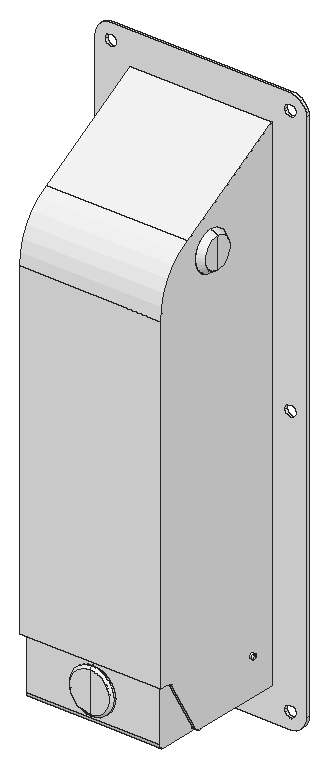
Revit family "KingswayGroup_SpDspnsrs_Anti-LigatureManualSoapDispenser", category Specialty Equipment, Revit 2020
Family settings
  Round Connector Dimension = Use Diameter
  Part Type = Normal
  Work Plane-Based = No
  Always vertical = Yes
  Cut with Voids When Loaded = No
  Shared = No
  Room Calculation Point = No
Parameters
  WarrantyStartDate [instance] = "1900-12-31T23:59:59"
  WarrantyGuarantorParts = "sales@kingswaygroup.co.uk"
  WarrantyGuarantorLabor = "n/a"
  WarrantyDurationUnit = "year"
  WarrantyDurationParts = "5"
  WarrantyDurationLabor = "n/a"
  WarrantyDescription = "5-Year Guarantee *For faulty manufacture and not for damage"
  Version = "1"
  Uniclass2015Version = "Products v1.36"
  Uniclass2015Title = "Soap dispensers"
  Uniclass2015Code = "Pr_40_70_22_81"
  URL = "https://kingswaygroupglobal.com/"
  TagNumber [instance] = "n/a"
  SustainabilityPerformance = "n/a"
  Size = "165 x 445 x 110 mm"
  Shape = "n/a"
  SerialNumber [instance] = "n/a"
  Revision = "n/a"
  ReplacementCost = "n/a"
  ProductInformation = "https://kingswaygroupglobal.com/product/anti-ligature-manual-soap-dispenser-surface-mount?noredirect=true"
  NominalWidth = 110 mm  # constant formula
  NominalLength = 165 mm  # constant formula
  NominalHeight = 445 mm  # constant formula
  Name = "SoapDispensers_Anti-LigatureManualSoapDispenser_KG07_KingswayGroup"
  ModelReference = "Anti-Ligature Manual Soap Dispenser"
  ModelNumber = "KG07"
  Model = ModelNumber  # "KG07"
  DispenserMaterial = NBS_Concept
  Material = "Stainless Steel"
  ManufacturerURL = "https://kingswaygroupglobal.com/"
  ManufacturerName = "Kingsway Group"  # constant formula
  Manufacturer = ManufacturerName  # "Kingsway Group"
  InstallationDate [instance] = "1900-12-31T23:59:59"
  IfcExportType = "n/a"  # constant formula
  IfcExportAs = "n/a"  # constant formula
  Grade = "316"
  Finish = "For full range of available finishes and colours, contact Kingsway Group"
  Features = "A surface-mounted Anti-Ligature Soap Dispenser with a refillable soap reservoir to provide a hygienic, safe, and durable solution to hand sanitisation in patient accessible washrooms. The KG07 Anti-Ligature Soap Dispenser uses a refillable dispensing unit (1000ml capacity) which can be refilled with liquid soap. Liquid soap is dispensed from the unit by pressing the anti-ligature button on the front side."
  ExpectedLife = "n/a"
  DurationUnit = "year"
  Description = "Manual Soap Dispenser"
  Default Elevation = 0 mm
  Constituents = "n/a"
  Color = "For full range of available finishes and colours, contact Kingsway Group"
  CodePerformance = "n/a"
  Category = "Pr_40_70_22_81:Soap dispensers"
  BarCode [instance] = "n/a"
  BIMObjectName = "KingswayGroup_SoapDispensers_Anti-LigatureManualSoapDispenser"
  Author = "Kingsway Group"  # constant formula
  AssetType = "Fixed"
  AssetIdentifier [instance] = "n/a"
  AccessibilityPerformance = "n/a"
Reference planes
  plane 1 "Center (Front/Back)": y = 0
  plane 2: z = 0
  plane 3 "Center (Left/Right)": x = 0
Forms (mm)
  Extrusion 1, solid, material "NBS_Concept" <- "DispenserMaterial"
    sketch origin (0, 0, 0) x (1, 0, 0) y (0, 0, 1)
      loop
        arc (-82.5, 12.691) -> (-78.783, 3.717) -> (-69.809, 0) r 12.691
        line (-69.809, 0) -> (69.809, 0)
        arc (69.809, 0) -> (78.783, 3.717) -> (82.5, 12.691) r 12.691
        line (82.5, 12.691) -> (82.5, 432.306)
        arc (82.5, 432.306) -> (78.782, 441.282) -> (69.806, 445) r 12.694
        line (69.806, 445) -> (-69.806, 445)
        arc (-69.806, 445) -> (-78.782, 441.282) -> (-82.5, 432.306) r 12.694
        line (-82.5, 432.306) -> (-82.5, 12.691)
      loop
        circle (-70, 432.5) r 4.5
      loop
        circle (-70, 12.5) r 4.5
      loop
        circle (-70, 222.5) r 4.5
      loop
        circle (70, 432.5) r 4.5
      loop
        circle (70, 12.5) r 4.5
      loop
        circle (70, 222.5) r 4.5
    from 0 to 2
  Extrusion 2, solid, material "NBS_Concept" <- "DispenserMaterial"
    sketch origin (-55, 0, 0) x (0, 1, 0) y (0, 0, 1)
      loop
        arc (-84.064, 372.303) -> (-103.05, 353.316) -> (-110, 327.38) r 51.873
        line (-110, 327.38) -> (-110, 70.351) -> (-103.216, 70.351)
        arc (-103.216, 70.351) -> (-100.718, 69.681) -> (-98.889, 67.853) r 4.996
        line (-98.889, 67.853) -> (-75.502, 27.347)
        arc (-75.502, 27.347) -> (-73.719, 25.896) -> (-71.481, 25.378) r 5.091
        line (-71.481, 25.378) -> (-2, 25.378) -> (-2, 419.682) -> (-84.064, 372.303)
    from 0 to 110
  Extrusion 3, solid, material "NBS_Concept" <- "DispenserMaterial"
    sketch origin (0, 0, 0) x (0, 1, 0) y (0, 0, 1)
      loop
        line (-2.435, 25.378) -> (-2.435, 246.378) -> (-107.435, 246.378) -> (-107.435, 29.293)
        arc (-107.435, 29.293) -> (-106.288, 26.524) -> (-103.519, 25.378) r 3.916
        line (-103.519, 25.378) -> (-2.435, 25.378)
    from -51.867 to 51.869
  Revolve 4, solid, material "NBS_Concept" <- "DispenserMaterial"
    sketch origin (0, 0, 0) x (0, 1, 0) y (0, 0, 1)
      loop
        line (-107.435, 66.603) -> (-108.435, 66.603) -> (-110.434, 64.604) -> (-110.434, 49.103) -> (-107.435, 49.103) -> (-107.435, 66.603)
      axis (-107.435, 49.103) -> (-110.434, 49.103)
    angle from 0 to 360
  Revolve 5, solid, material "NBS_Concept" <- "DispenserMaterial"
    sketch origin (0, -21.987, 0) x (1, 0, 0) y (0, 0, 1)
      loop
        line (-54.866, 55.36) -> (-54.866, 57.359) -> (-57.386, 57.359) -> (-57.968, 56.776) -> (-57.968, 55.36) -> (-54.866, 55.36)
      loop
        line (54.866, 55.36) -> (57.968, 55.36) -> (57.968, 56.776) -> (57.386, 57.359) -> (54.866, 57.359) -> (54.866, 55.36)
      axis (-57.968, 55.36) -> (57.968, 55.36)
    angle from 0 to 360
  Revolve 6, solid, material "NBS_Concept" <- "DispenserMaterial"
    sketch origin (-809.645, -61.991, -26.876) x (1, 0, 0) y (0, 0, 1)
      loop
        line (870.64, 394.936) -> (865.455, 398.052) -> (864.645, 398.052) -> (864.645, 383.061) -> (870.64, 383.061) -> (870.64, 394.936)
      axis (870.64, 383.061) -> (864.645, 383.061)
    angle from 0 to 360
Lines and regions (mm)
  model lines, not visible
    curve 1: arc (16.215, -108.048, 265.753) -> (17.404, -108.048, 265.533) -> (18.352, -108.048, 266.283) r 1.463
    curve 2: arc (18.352, -108.048, 267.697) -> (17.346, -108.048, 268.4) -> (16.15, -108.048, 268.123) r 1.51
    curve 3: arc (16.15, -108.048, 268.123) -> (15.626, -108.048, 266.923) -> (16.215, -108.048, 265.753) r 1.54
    curve 4: arc (15.178, -108.048, 266.958) -> (15.376, -108.048, 266.079) -> (15.958, -108.048, 265.391) r 1.894
    curve 5: arc (17.05, -108.048, 265.046) -> (17.782, -108.048, 265.2) -> (18.368, -108.048, 265.664) r 1.629
    curve 6: arc (6.967, -108.048, 268.87) -> (6.12, -108.048, 268.597) -> (5.722, -108.048, 267.802) r 1.15
    curve 7: arc (7.023, -108.048, 265.046) -> (7.896, -108.048, 265.321) -> (8.293, -108.048, 266.146) r 1.152
    curve 8: arc (6.991, -108.048, 265.48) -> (7.544, -108.048, 265.629) -> (7.835, -108.048, 266.122) r 0.759
    curve 9: arc (10.197, -108.048, 260.701) -> (9.002, -108.048, 260.977) -> (7.995, -108.048, 260.275) r 1.511
    curve 10: arc (7.995, -108.048, 258.861) -> (8.944, -108.048, 258.112) -> (10.133, -108.048, 258.331) r 1.464
    curve 11: arc (10.133, -108.048, 258.331) -> (10.722, -108.048, 259.501) -> (10.197, -108.048, 260.701) r 1.54
    curve 12: arc (11.169, -108.048, 259.536) -> (10.994, -108.048, 260.363) -> (10.486, -108.048, 261.039) r 1.96
    curve 13: arc (10.39, -108.048, 257.969) -> (10.974, -108.048, 258.656) -> (11.169, -108.048, 259.536) r 1.873
    curve 14: arc (7.995, -108.048, 258.226) -> (8.575, -108.048, 257.772) -> (9.297, -108.048, 257.624) r 1.607
    curve 15: arc (3.36, -108.048, 259.488) -> (3.387, -108.048, 258.997) -> (3.568, -108.048, 258.54) r 1.527
    curve 16: arc (3.568, -108.048, 258.54) -> (3.969, -108.048, 258.182) -> (4.493, -108.048, 258.058) r 1.095
    curve 17: arc (4.493, -108.048, 258.058) -> (5.207, -108.048, 258.273) -> (5.714, -108.048, 258.821) r 1.419
    curve 18: arc (4.493, -108.048, 257.624) -> (5.176, -108.048, 257.774) -> (5.73, -108.048, 258.202) r 1.594
    curve 19: arc (3.119, -108.048, 258.379) -> (3.702, -108.048, 257.812) -> (4.493, -108.048, 257.624) r 1.533
    curve 20: arc (0.049, -108.048, 258.058) -> (1.499, -108.048, 259.536) -> (0.049, -108.048, 261.014) r 1.479
    curve 21: arc (0.049, -108.048, 261.014) -> (-1.4, -108.048, 259.536) -> (0.049, -108.048, 258.058) r 1.479
    curve 22: arc (0.049, -108.048, 261.449) -> (-1.855, -108.048, 259.536) -> (0.049, -108.048, 257.624) r 1.912
    curve 23: arc (0.049, -108.048, 257.624) -> (1.954, -108.048, 259.536) -> (0.049, -108.048, 261.449) r 1.912
    curve 24: arc (-2.594, -108.048, 261.449) -> (-3.241, -108.048, 261.309) -> (-3.751, -108.048, 260.886) r 1.392
    curve 25: arc (-2.602, -108.048, 261.014) -> (-3.299, -108.048, 260.782) -> (-3.751, -108.048, 260.203) r 1.269
    curve 26: arc (-4.948, -108.048, 270.469) -> (-5.352, -108.048, 270.064) -> (-4.948, -108.048, 269.658) r 0.406
    curve 27: arc (-4.948, -108.048, 269.658) -> (-4.539, -108.048, 270.064) -> (-4.948, -108.048, 270.469) r 0.406
    curve 28: arc (-1.622, -108.048, 268.437) -> (-2.36, -108.048, 268.227) -> (-2.892, -108.048, 267.673) r 1.465
    curve 29: arc (-0.666, -108.048, 267.946) -> (-1.082, -108.048, 268.311) -> (-1.622, -108.048, 268.437) r 1.142
    curve 30: arc (-0.457, -108.048, 267.046) -> (-0.485, -108.048, 267.514) -> (-0.666, -108.048, 267.946) r 1.41
    curve 31: arc (0.001, -108.048, 267.078) -> (-0.055, -108.048, 267.692) -> (-0.312, -108.048, 268.252) r 1.835
    curve 32: arc (-0.312, -108.048, 268.252) -> (-0.888, -108.048, 268.719) -> (-1.614, -108.048, 268.87) r 1.574
    curve 33: arc (0.965, -108.048, 266.958) -> (1.163, -108.048, 266.079) -> (1.745, -108.048, 265.391) r 1.894
    curve 34: arc (2.838, -108.048, 265.046) -> (3.558, -108.048, 265.196) -> (4.139, -108.048, 265.648) r 1.629
    curve 35: arc (2.813, -108.048, 263.551) -> (3.495, -108.048, 263.693) -> (3.995, -108.048, 264.178) r 1.246
    curve 36: arc (1.503, -108.048, 264.258) -> (2.064, -108.048, 263.73) -> (2.813, -108.048, 263.551) r 1.499
    curve 37: arc (1.142, -108.048, 263.993) -> (1.861, -108.048, 263.341) -> (2.805, -108.048, 263.117) r 1.95
    curve 38: arc (2.805, -108.048, 263.117) -> (3.723, -108.048, 263.308) -> (4.396, -108.048, 263.961) r 1.681
    curve 39: arc (-9.994, -108.048, 260.516) -> (-9.32, -108.048, 258.79) -> (-7.608, -108.048, 258.082) r 2.361
    curve 40: arc (-7.656, -108.048, 262.951) -> (-9.341, -108.048, 262.229) -> (-9.994, -108.048, 260.516) r 2.35
    curve 41: arc (-7.656, -108.048, 263.409) -> (-9.678, -108.048, 262.56) -> (-10.476, -108.048, 260.516) r 2.813
    curve 42: arc (-10.476, -108.048, 260.516) -> (-9.652, -108.048, 258.448) -> (-7.584, -108.048, 257.624) r 2.817
    curve 43: arc (-7.584, -108.048, 257.624) -> (-6.381, -108.048, 257.901) -> (-5.414, -108.048, 258.668) r 2.799
    curve 44: arc (2.002, -108.048, 265.753) -> (3.191, -108.048, 265.533) -> (4.139, -108.048, 266.283) r 1.464
    curve 45: arc (4.139, -108.048, 267.697) -> (3.133, -108.048, 268.402) -> (1.938, -108.048, 268.123) r 1.505
    curve 46: arc (1.938, -108.048, 268.123) -> (1.413, -108.048, 266.923) -> (2.002, -108.048, 265.753) r 1.54
    curve 47: line (-21.343, -108.048, 258.387) -> (-25.268, -108.048, 258.387)
    curve 48: line (-25.268, -108.048, 258.387) -> (-25.268, -108.048, 257.781)
    curve 49: line (-25.268, -108.048, 257.781) -> (-21.343, -108.048, 257.781)
    curve 50: line (-21.343, -108.048, 257.781) -> (-21.343, -108.048, 258.387)
    curve 51: line (-18.274, -108.048, 257.76) -> (-20.415, -108.048, 260.48)
    curve 52: line (-20.415, -108.048, 260.48) -> (-25.268, -108.048, 260.48)
    curve 53: line (-25.268, -108.048, 260.48) -> (-25.268, -108.048, 259.875)
    curve 54: line (-25.268, -108.048, 259.875) -> (-20.709, -108.048, 259.875)
    curve 55: line (-20.709, -108.048, 259.875) -> (-19.045, -108.048, 257.76)
    curve 56: line (-19.045, -108.048, 257.76) -> (-18.274, -108.048, 257.76)
    curve 57: line (-21.343, -108.048, 270.94) -> (-25.268, -108.048, 270.94)
    curve 58: line (-25.268, -108.048, 270.94) -> (-25.268, -108.048, 270.334)
    curve 59: line (-25.268, -108.048, 270.334) -> (-21.343, -108.048, 270.334)
    curve 60: line (-21.343, -108.048, 270.334) -> (-21.343, -108.048, 270.94)
    curve 61: line (-25.268, -108.048, 266.752) -> (-25.268, -108.048, 266.147)
    curve 62: line (-25.268, -108.048, 266.147) -> (-19.332, -108.048, 266.147)
    curve 63: line (-19.332, -108.048, 266.147) -> (-15.543, -108.048, 270.96)
    curve 64: line (-15.543, -108.048, 270.96) -> (-16.314, -108.048, 270.96)
    curve 65: line (-16.314, -108.048, 270.96) -> (-19.626, -108.048, 266.752)
    curve 66: line (-19.626, -108.048, 266.752) -> (-25.268, -108.048, 266.752)
    curve 67: line (-25.268, -108.048, 262.574) -> (-25.268, -108.048, 261.968)
    curve 68: line (-25.268, -108.048, 261.968) -> (-19.626, -108.048, 261.968)
    curve 69: line (-19.626, -108.048, 261.968) -> (-16.314, -108.048, 257.76)
    curve 70: line (-16.314, -108.048, 257.76) -> (-15.543, -108.048, 257.76)
    curve 71: line (-15.543, -108.048, 257.76) -> (-19.332, -108.048, 262.574)
    curve 72: line (-19.332, -108.048, 262.574) -> (-25.268, -108.048, 262.574)
    curve 73: line (-25.268, -108.048, 268.846) -> (-25.268, -108.048, 268.24)
    curve 74: line (-25.268, -108.048, 268.24) -> (-20.415, -108.048, 268.24)
    curve 75: line (-20.415, -108.048, 268.24) -> (-18.274, -108.048, 270.96)
    curve 76: line (-18.274, -108.048, 270.96) -> (-19.045, -108.048, 270.96)
    curve 77: line (-19.045, -108.048, 270.96) -> (-20.709, -108.048, 268.846)
    curve 78: line (-20.709, -108.048, 268.846) -> (-25.268, -108.048, 268.846)
    curve 79: line (18.352, -108.048, 266.283) -> (18.352, -108.048, 267.697)
    curve 80: line (18.368, -108.048, 265.664) -> (18.368, -108.048, 265.126)
    curve 81: line (18.368, -108.048, 265.126) -> (18.81, -108.048, 265.126)
    curve 82: line (18.81, -108.048, 265.126) -> (18.81, -108.048, 268.79)
    curve 83: line (18.81, -108.048, 268.79) -> (18.368, -108.048, 268.79)
    curve 84: line (18.368, -108.048, 268.79) -> (18.368, -108.048, 268.284)
    curve 85: line (18.368, -108.048, 268.284) -> (17.69, -108.048, 268.75)
    curve 86: line (17.69, -108.048, 268.75) -> (17.026, -108.048, 268.87)
    curve 87: line (17.026, -108.048, 268.87) -> (16.322, -108.048, 268.732)
    curve 88: line (16.322, -108.048, 268.732) -> (15.861, -108.048, 268.46)
    curve 89: line (15.861, -108.048, 268.46) -> (15.323, -108.048, 267.712)
    curve 90: line (15.323, -108.048, 267.712) -> (15.178, -108.048, 266.958)
    curve 91: line (15.958, -108.048, 265.391) -> (16.576, -108.048, 265.104)
    curve 92: line (16.576, -108.048, 265.104) -> (17.05, -108.048, 265.046)
    curve 93: line (10.566, -108.048, 265.126) -> (11.756, -108.048, 268.043)
    curve 94: line (11.756, -108.048, 268.043) -> (12.945, -108.048, 265.126)
    curve 95: line (12.945, -108.048, 265.126) -> (13.242, -108.048, 265.126)
    curve 96: line (13.242, -108.048, 265.126) -> (14.656, -108.048, 268.79)
    curve 97: line (14.656, -108.048, 268.79) -> (14.182, -108.048, 268.79)
    curve 98: line (14.182, -108.048, 268.79) -> (13.074, -108.048, 265.913)
    curve 99: line (13.074, -108.048, 265.913) -> (11.9, -108.048, 268.79)
    curve 100: line (11.9, -108.048, 268.79) -> (11.611, -108.048, 268.79)
    curve 101: line (11.611, -108.048, 268.79) -> (10.438, -108.048, 265.913)
    curve 102: line (10.438, -108.048, 265.913) -> (9.329, -108.048, 268.79)
    curve 103: line (9.329, -108.048, 268.79) -> (8.855, -108.048, 268.79)
    curve 104: line (8.855, -108.048, 268.79) -> (10.269, -108.048, 265.126)
    curve 105: line (10.269, -108.048, 265.126) -> (10.566, -108.048, 265.126)
    curve 106: line (5.722, -108.048, 267.802) -> (5.763, -108.048, 267.523)
    curve 107: line (5.763, -108.048, 267.523) -> (5.878, -108.048, 267.307)
    curve 108: line (5.878, -108.048, 267.307) -> (6.052, -108.048, 267.143)
    curve 109: line (6.052, -108.048, 267.143) -> (6.778, -108.048, 266.845)
    curve 110: line (6.778, -108.048, 266.845) -> (7.505, -108.048, 266.605)
    curve 111: line (7.505, -108.048, 266.605) -> (7.744, -108.048, 266.413)
    curve 112: line (7.811, -108.048, 266.282) -> (7.835, -108.048, 266.122)
    curve 113: line (8.293, -108.048, 266.146) -> (8.251, -108.048, 266.434)
    curve 114: line (8.251, -108.048, 266.434) -> (8.136, -108.048, 266.66)
    curve 115: line (8.136, -108.048, 266.66) -> (7.963, -108.048, 266.834)
    curve 116: line (7.963, -108.048, 266.834) -> (7.236, -108.048, 267.156)
    curve 117: line (7.236, -108.048, 267.156) -> (6.51, -108.048, 267.388)
    curve 118: line (6.51, -108.048, 267.388) -> (6.27, -108.048, 267.558)
    curve 119: line (6.179, -108.048, 267.81) -> (6.221, -108.048, 268.025)
    curve 120: line (6.221, -108.048, 268.025) -> (6.333, -108.048, 268.194)
    curve 121: line (6.333, -108.048, 268.194) -> (6.498, -108.048, 268.318)
    curve 122: line (6.498, -108.048, 268.318) -> (6.991, -108.048, 268.437)
    curve 123: line (6.991, -108.048, 268.437) -> (7.524, -108.048, 268.344)
    curve 124: line (7.524, -108.048, 268.344) -> (7.907, -108.048, 268.139)
    curve 125: line (7.907, -108.048, 268.139) -> (8.148, -108.048, 268.517)
    curve 126: line (8.148, -108.048, 268.517) -> (7.569, -108.048, 268.785)
    curve 127: line (7.569, -108.048, 268.785) -> (6.967, -108.048, 268.87)
    curve 128: line (6.991, -108.048, 265.48) -> (6.334, -108.048, 265.63)
    curve 129: line (6.334, -108.048, 265.63) -> (5.882, -108.048, 265.921)
    curve 130: line (5.882, -108.048, 265.921) -> (5.601, -108.048, 265.568)
    curve 131: line (5.601, -108.048, 265.568) -> (6.291, -108.048, 265.163)
    curve 132: line (6.291, -108.048, 265.163) -> (7.023, -108.048, 265.046)
    curve 133: line (-6.659, -108.048, 265.126) -> (-6.017, -108.048, 265.126)
    curve 134: line (-6.017, -108.048, 265.126) -> (-9.038, -108.048, 268.091)
    curve 135: line (-9.038, -108.048, 268.091) -> (-6.258, -108.048, 270.751)
    curve 136: line (-6.258, -108.048, 270.751) -> (-6.9, -108.048, 270.751)
    curve 137: line (-6.9, -108.048, 270.751) -> (-9.552, -108.048, 268.228)
    curve 138: line (-9.552, -108.048, 268.228) -> (-9.552, -108.048, 270.751)
    curve 139: line (-9.552, -108.048, 270.751) -> (-10.034, -108.048, 270.751)
    curve 140: line (-10.034, -108.048, 270.751) -> (-10.034, -108.048, 265.126)
    curve 141: line (-10.034, -108.048, 265.126) -> (-9.552, -108.048, 265.126)
    curve 142: line (-9.552, -108.048, 265.126) -> (-9.552, -108.048, 267.97)
    curve 143: line (-9.552, -108.048, 267.97) -> (-6.659, -108.048, 265.126)
    curve 144: line (7.995, -108.048, 260.275) -> (7.995, -108.048, 258.861)
    curve 145: line (9.297, -108.048, 257.624) -> (9.904, -108.048, 257.721)
    curve 146: line (9.904, -108.048, 257.721) -> (10.39, -108.048, 257.969)
    curve 147: line (10.486, -108.048, 261.039) -> (9.883, -108.048, 261.361)
    curve 148: line (9.883, -108.048, 261.361) -> (9.321, -108.048, 261.449)
    curve 149: line (9.321, -108.048, 261.449) -> (8.494, -108.048, 261.256)
    curve 150: line (8.494, -108.048, 261.256) -> (7.979, -108.048, 260.862)
    curve 151: line (7.979, -108.048, 260.862) -> (7.979, -108.048, 261.368)
    curve 152: line (7.979, -108.048, 261.368) -> (7.538, -108.048, 261.368)
    curve 153: line (7.538, -108.048, 261.368) -> (7.538, -108.048, 255.776)
    curve 154: line (7.538, -108.048, 255.776) -> (7.995, -108.048, 255.776)
    curve 155: line (7.995, -108.048, 255.776) -> (7.995, -108.048, 258.226)
    curve 156: line (-12.812, -108.048, 270.96) -> (-13.582, -108.048, 270.96)
    curve 157: line (-13.582, -108.048, 270.96) -> (-18.543, -108.048, 264.658)
    curve 158: line (-18.543, -108.048, 264.658) -> (-25.268, -108.048, 264.658)
    curve 159: line (-25.268, -108.048, 264.658) -> (-25.268, -108.048, 264.053)
    curve 160: line (-25.268, -108.048, 264.053) -> (-18.543, -108.048, 264.053)
    curve 161: line (-18.543, -108.048, 264.053) -> (-13.59, -108.048, 257.76)
    curve 162: line (-13.59, -108.048, 257.76) -> (-12.819, -108.048, 257.76)
    curve 163: line (-12.819, -108.048, 257.76) -> (-18.011, -108.048, 264.356)
    curve 164: line (-18.011, -108.048, 264.356) -> (-12.812, -108.048, 270.96)
    curve 165: line (3.36, -108.048, 259.488) -> (3.36, -108.048, 261.368)
    curve 166: line (3.36, -108.048, 261.368) -> (2.902, -108.048, 261.368)
    curve 167: line (2.902, -108.048, 261.368) -> (2.902, -108.048, 259.416)
    curve 168: line (2.902, -108.048, 259.416) -> (2.973, -108.048, 258.748)
    curve 169: line (2.973, -108.048, 258.748) -> (3.119, -108.048, 258.379)
    curve 170: line (5.73, -108.048, 258.202) -> (5.73, -108.048, 257.704)
    curve 171: line (5.73, -108.048, 257.704) -> (6.172, -108.048, 257.704)
    curve 172: line (6.172, -108.048, 257.704) -> (6.172, -108.048, 261.368)
    curve 173: line (6.172, -108.048, 261.368) -> (5.714, -108.048, 261.368)
    curve 174: line (5.714, -108.048, 261.368) -> (5.714, -108.048, 258.821)
    curve 175: line (-3.751, -108.048, 260.886) -> (-3.751, -108.048, 261.368)
    curve 176: line (-3.751, -108.048, 261.368) -> (-4.209, -108.048, 261.368)
    curve 177: line (-4.209, -108.048, 261.368) -> (-4.209, -108.048, 257.704)
    curve 178: line (-4.209, -108.048, 257.704) -> (-3.751, -108.048, 257.704)
    curve 179: line (-3.751, -108.048, 257.704) -> (-3.751, -108.048, 260.203)
    curve 180: line (-2.385, -108.048, 261.007) -> (-2.602, -108.048, 261.014)
    curve 181: line (-2.602, -108.048, 261.014) -> (-2.385, -108.048, 261.007)
    curve 182: line (-2.385, -108.048, 261.007) -> (-2.321, -108.048, 261.433)
    curve 183: line (20.264, -108.048, 263.198) -> (20.746, -108.048, 263.198)
    curve 184: line (20.746, -108.048, 263.198) -> (23.285, -108.048, 268.79)
    curve 185: line (23.285, -108.048, 268.79) -> (22.795, -108.048, 268.79)
    curve 186: line (22.795, -108.048, 268.79) -> (21.502, -108.048, 265.946)
    curve 187: line (21.502, -108.048, 265.946) -> (20.127, -108.048, 268.79)
    curve 188: line (20.127, -108.048, 268.79) -> (19.613, -108.048, 268.79)
    curve 189: line (19.613, -108.048, 268.79) -> (21.269, -108.048, 265.423)
    curve 190: line (21.269, -108.048, 265.423) -> (20.264, -108.048, 263.198)
    curve 191: line (-0.457, -108.048, 267.046) -> (-0.457, -108.048, 265.126)
    curve 192: line (-0.457, -108.048, 265.126) -> (0.001, -108.048, 265.126)
    curve 193: line (0.001, -108.048, 265.126) -> (0.001, -108.048, 267.078)
    curve 194: line (-1.614, -108.048, 268.87) -> (-2.421, -108.048, 268.683)
    curve 195: line (-2.421, -108.048, 268.683) -> (-2.908, -108.048, 268.276)
    curve 196: line (-2.908, -108.048, 268.276) -> (-2.908, -108.048, 268.79)
    curve 197: line (-2.908, -108.048, 268.79) -> (-3.35, -108.048, 268.79)
    curve 198: line (-3.35, -108.048, 268.79) -> (-3.35, -108.048, 265.126)
    curve 199: line (-3.35, -108.048, 265.126) -> (-2.892, -108.048, 265.126)
    curve 200: line (-2.892, -108.048, 265.126) -> (-2.892, -108.048, 267.673)
    curve 201: line (1.745, -108.048, 265.391) -> (2.364, -108.048, 265.104)
    curve 202: line (2.364, -108.048, 265.104) -> (2.838, -108.048, 265.046)
    curve 203: line (4.139, -108.048, 265.648) -> (4.139, -108.048, 265.126)
    curve 204: line (4.139, -108.048, 265.126) -> (4.1, -108.048, 264.511)
    curve 205: line (4.1, -108.048, 264.511) -> (3.995, -108.048, 264.178)
    curve 206: line (1.503, -108.048, 264.258) -> (1.142, -108.048, 263.993)
    curve 207: line (4.396, -108.048, 263.961) -> (4.564, -108.048, 264.528)
    curve 208: line (4.564, -108.048, 264.528) -> (4.597, -108.048, 265.142)
    curve 209: line (4.597, -108.048, 265.142) -> (4.597, -108.048, 268.79)
    curve 210: line (4.597, -108.048, 268.79) -> (4.155, -108.048, 268.79)
    curve 211: line (4.155, -108.048, 268.79) -> (4.155, -108.048, 268.284)
    curve 212: line (4.155, -108.048, 268.284) -> (3.476, -108.048, 268.75)
    curve 213: line (3.476, -108.048, 268.75) -> (2.813, -108.048, 268.87)
    curve 214: line (2.813, -108.048, 268.87) -> (2.109, -108.048, 268.732)
    curve 215: line (2.109, -108.048, 268.732) -> (1.648, -108.048, 268.46)
    curve 216: line (1.648, -108.048, 268.46) -> (1.11, -108.048, 267.712)
    curve 217: line (1.11, -108.048, 267.712) -> (0.965, -108.048, 266.958)
    curve 218: line (-5.414, -108.048, 258.668) -> (-5.414, -108.048, 261.039)
    curve 219: line (-5.414, -108.048, 261.039) -> (-7.744, -108.048, 261.039)
    curve 220: line (-7.744, -108.048, 261.039) -> (-7.744, -108.048, 260.581)
    curve 221: line (-7.744, -108.048, 260.581) -> (-5.896, -108.048, 260.581)
    curve 222: line (-5.896, -108.048, 260.581) -> (-5.896, -108.048, 258.789)
    curve 223: line (-5.896, -108.048, 258.789) -> (-6.756, -108.048, 258.233)
    curve 224: line (-6.756, -108.048, 258.233) -> (-7.608, -108.048, 258.082)
    curve 225: line (-7.656, -108.048, 262.951) -> (-6.582, -108.048, 262.7)
    curve 226: line (-6.582, -108.048, 262.7) -> (-5.944, -108.048, 262.22)
    curve 227: line (-5.944, -108.048, 262.22) -> (-5.615, -108.048, 262.549)
    curve 228: line (-5.615, -108.048, 262.549) -> (-6.645, -108.048, 263.231)
    curve 229: line (-6.645, -108.048, 263.231) -> (-7.656, -108.048, 263.409)
    curve 230: line (-4.715, -108.048, 265.126) -> (-4.715, -108.048, 268.79)
    curve 231: line (-4.715, -108.048, 268.79) -> (-5.173, -108.048, 268.79)
    curve 232: line (-5.173, -108.048, 268.79) -> (-5.173, -108.048, 265.126)
    curve 233: line (-5.173, -108.048, 265.126) -> (-4.715, -108.048, 265.126)
    curve 234: line (4.139, -108.048, 266.283) -> (4.139, -108.048, 267.697)
  model lines
    curve 235: arc (17.207, -110, 274.654) -> (18.396, -110, 274.434) -> (19.344, -110, 275.184) r 1.463
    curve 236: arc (19.344, -110, 276.598) -> (18.338, -110, 277.301) -> (17.142, -110, 277.024) r 1.51
    curve 237: arc (17.142, -110, 277.024) -> (16.618, -110, 275.824) -> (17.207, -110, 274.654) r 1.54
    curve 238: arc (16.17, -110, 275.859) -> (16.368, -110, 274.98) -> (16.95, -110, 274.292) r 1.894
    curve 239: arc (18.043, -110, 273.947) -> (18.774, -110, 274.101) -> (19.36, -110, 274.566) r 1.629
    curve 240: arc (7.959, -110, 277.772) -> (7.112, -110, 277.498) -> (6.714, -110, 276.703) r 1.15
    curve 241: arc (8.015, -110, 273.947) -> (8.888, -110, 274.222) -> (9.285, -110, 275.048) r 1.152
    curve 242: arc (7.983, -110, 274.381) -> (8.536, -110, 274.53) -> (8.827, -110, 275.024) r 0.759
    curve 243: arc (11.189, -110, 269.603) -> (9.994, -110, 269.879) -> (8.988, -110, 269.177) r 1.511
    curve 244: arc (8.988, -110, 267.763) -> (9.936, -110, 267.013) -> (11.125, -110, 267.232) r 1.464
    curve 245: arc (11.125, -110, 267.232) -> (11.714, -110, 268.402) -> (11.189, -110, 269.603) r 1.54
    curve 246: arc (12.161, -110, 268.437) -> (11.986, -110, 269.264) -> (11.478, -110, 269.94) r 1.96
    curve 247: arc (11.382, -110, 266.87) -> (11.966, -110, 267.557) -> (12.161, -110, 268.437) r 1.873
    curve 248: arc (8.988, -110, 267.128) -> (9.567, -110, 266.673) -> (10.289, -110, 266.525) r 1.607
    curve 249: arc (4.352, -110, 268.389) -> (4.379, -110, 267.898) -> (4.561, -110, 267.441) r 1.527
    curve 250: arc (4.561, -110, 267.441) -> (4.962, -110, 267.083) -> (5.485, -110, 266.959) r 1.095
    curve 251: arc (5.485, -110, 266.959) -> (6.199, -110, 267.174) -> (6.706, -110, 267.722) r 1.419
    curve 252: arc (5.485, -110, 266.525) -> (6.169, -110, 266.675) -> (6.722, -110, 267.103) r 1.594
    curve 253: arc (4.111, -110, 267.28) -> (4.694, -110, 266.714) -> (5.485, -110, 266.525) r 1.533
    curve 254: arc (1.041, -110, 266.959) -> (2.491, -110, 268.437) -> (1.041, -110, 269.916) r 1.479
    curve 255: arc (1.041, -110, 269.916) -> (-0.408, -110, 268.437) -> (1.041, -110, 266.959) r 1.479
    curve 256: arc (1.041, -110, 270.35) -> (-0.863, -110, 268.437) -> (1.041, -110, 266.525) r 1.912
    curve 257: arc (1.041, -110, 266.525) -> (2.946, -110, 268.437) -> (1.041, -110, 270.35) r 1.912
    curve 258: arc (-1.602, -110, 270.35) -> (-2.249, -110, 270.21) -> (-2.759, -110, 269.788) r 1.392
    curve 259: arc (-1.61, -110, 269.916) -> (-2.307, -110, 269.684) -> (-2.759, -110, 269.104) r 1.269
    curve 260: arc (-3.956, -110, 279.371) -> (-4.36, -110, 278.965) -> (-3.956, -110, 278.559) r 0.406
    curve 261: arc (-3.956, -110, 278.559) -> (-3.547, -110, 278.965) -> (-3.956, -110, 279.371) r 0.406
    curve 262: arc (-0.63, -110, 277.338) -> (-1.368, -110, 277.129) -> (-1.899, -110, 276.575) r 1.465
    curve 263: arc (0.327, -110, 276.848) -> (-0.09, -110, 277.212) -> (-0.63, -110, 277.338) r 1.142
    curve 264: arc (0.535, -110, 275.948) -> (0.507, -110, 276.415) -> (0.327, -110, 276.848) r 1.41
    curve 265: arc (0.993, -110, 275.98) -> (0.937, -110, 276.593) -> (0.68, -110, 277.153) r 1.835
    curve 266: arc (0.68, -110, 277.153) -> (0.104, -110, 277.62) -> (-0.622, -110, 277.772) r 1.574
    curve 267: arc (1.957, -110, 275.859) -> (2.155, -110, 274.98) -> (2.737, -110, 274.292) r 1.894
    curve 268: arc (3.83, -110, 273.947) -> (4.55, -110, 274.097) -> (5.131, -110, 274.55) r 1.629
    curve 269: arc (3.805, -110, 272.452) -> (4.487, -110, 272.594) -> (4.987, -110, 273.079) r 1.246
    curve 270: arc (2.496, -110, 273.159) -> (3.056, -110, 272.632) -> (3.805, -110, 272.452) r 1.499
    curve 271: arc (2.134, -110, 272.894) -> (2.853, -110, 272.243) -> (3.797, -110, 272.018) r 1.95
    curve 272: arc (3.797, -110, 272.018) -> (4.715, -110, 272.209) -> (5.388, -110, 272.862) r 1.681
    curve 273: arc (-9.002, -110, 269.418) -> (-8.328, -110, 267.691) -> (-6.616, -110, 266.983) r 2.361
    curve 274: arc (-6.664, -110, 271.852) -> (-8.349, -110, 271.131) -> (-9.002, -110, 269.418) r 2.35
    curve 275: arc (-6.664, -110, 272.311) -> (-8.686, -110, 271.461) -> (-9.484, -110, 269.418) r 2.813
    curve 276: arc (-9.484, -110, 269.418) -> (-8.66, -110, 267.349) -> (-6.591, -110, 266.525) r 2.817
    curve 277: arc (-6.591, -110, 266.525) -> (-5.389, -110, 266.802) -> (-4.422, -110, 267.57) r 2.799
    curve 278: arc (2.994, -110, 274.654) -> (4.183, -110, 274.434) -> (5.131, -110, 275.184) r 1.464
    curve 279: arc (5.131, -110, 276.599) -> (4.125, -110, 277.303) -> (2.93, -110, 277.024) r 1.505
    curve 280: arc (2.93, -110, 277.024) -> (2.405, -110, 275.824) -> (2.994, -110, 274.654) r 1.54
    curve 281: line (-20.351, -110, 267.288) -> (-24.276, -110, 267.288)
    curve 282: line (-24.276, -110, 267.288) -> (-24.276, -110, 266.682)
    curve 283: line (-24.276, -110, 266.682) -> (-20.351, -110, 266.682)
    curve 284: line (-20.351, -110, 266.682) -> (-20.351, -110, 267.288)
    curve 285: line (-17.282, -110, 266.661) -> (-19.423, -110, 269.382)
    curve 286: line (-19.423, -110, 269.382) -> (-24.276, -110, 269.382)
    curve 287: line (-24.276, -110, 269.382) -> (-24.276, -110, 268.776)
    curve 288: line (-24.276, -110, 268.776) -> (-19.717, -110, 268.776)
    curve 289: line (-19.717, -110, 268.776) -> (-18.053, -110, 266.661)
    curve 290: line (-18.053, -110, 266.661) -> (-17.282, -110, 266.661)
    curve 291: line (-20.351, -110, 279.841) -> (-24.276, -110, 279.841)
    curve 292: line (-24.276, -110, 279.841) -> (-24.276, -110, 279.235)
    curve 293: line (-24.276, -110, 279.235) -> (-20.351, -110, 279.235)
    curve 294: line (-20.351, -110, 279.235) -> (-20.351, -110, 279.841)
    curve 295: line (-24.276, -110, 275.653) -> (-24.276, -110, 275.048)
    curve 296: line (-24.276, -110, 275.048) -> (-18.34, -110, 275.048)
    curve 297: line (-18.34, -110, 275.048) -> (-14.551, -110, 279.862)
    curve 298: line (-14.551, -110, 279.862) -> (-15.321, -110, 279.862)
    curve 299: line (-15.321, -110, 279.862) -> (-18.634, -110, 275.653)
    curve 300: line (-18.634, -110, 275.653) -> (-24.276, -110, 275.653)
    curve 301: line (-24.276, -110, 271.475) -> (-24.276, -110, 270.87)
    curve 302: line (-24.276, -110, 270.87) -> (-18.634, -110, 270.87)
    curve 303: line (-18.634, -110, 270.87) -> (-15.321, -110, 266.662)
    curve 304: line (-15.321, -110, 266.662) -> (-14.551, -110, 266.662)
    curve 305: line (-14.551, -110, 266.662) -> (-18.34, -110, 271.475)
    curve 306: line (-18.34, -110, 271.475) -> (-24.276, -110, 271.475)
    curve 307: line (-24.276, -110, 277.747) -> (-24.276, -110, 277.142)
    curve 308: line (-24.276, -110, 277.142) -> (-19.423, -110, 277.142)
    curve 309: line (-19.423, -110, 277.142) -> (-17.282, -110, 279.862)
    curve 310: line (-17.282, -110, 279.862) -> (-18.053, -110, 279.862)
    curve 311: line (-18.053, -110, 279.862) -> (-19.717, -110, 277.747)
    curve 312: line (-19.717, -110, 277.747) -> (-24.276, -110, 277.747)
    curve 313: line (19.344, -110, 275.184) -> (19.344, -110, 276.598)
    curve 314: line (19.36, -110, 274.566) -> (19.36, -110, 274.027)
    curve 315: line (19.36, -110, 274.027) -> (19.802, -110, 274.027)
    curve 316: line (19.802, -110, 274.027) -> (19.802, -110, 277.691)
    curve 317: line (19.802, -110, 277.691) -> (19.36, -110, 277.691)
    curve 318: line (19.36, -110, 277.691) -> (19.36, -110, 277.185)
    curve 319: line (19.36, -110, 277.185) -> (18.682, -110, 277.651)
    curve 320: line (18.682, -110, 277.651) -> (18.018, -110, 277.772)
    curve 321: line (18.018, -110, 277.772) -> (17.314, -110, 277.633)
    curve 322: line (17.314, -110, 277.633) -> (16.853, -110, 277.362)
    curve 323: line (16.853, -110, 277.362) -> (16.315, -110, 276.614)
    curve 324: line (16.315, -110, 276.614) -> (16.17, -110, 275.859)
    curve 325: line (16.95, -110, 274.292) -> (17.568, -110, 274.005)
    curve 326: line (17.568, -110, 274.005) -> (18.043, -110, 273.947)
    curve 327: line (11.558, -110, 274.027) -> (12.748, -110, 276.944)
    curve 328: line (12.748, -110, 276.944) -> (13.937, -110, 274.027)
    curve 329: line (13.937, -110, 274.027) -> (14.234, -110, 274.027)
    curve 330: line (14.234, -110, 274.027) -> (15.648, -110, 277.691)
    curve 331: line (15.648, -110, 277.691) -> (15.174, -110, 277.691)
    curve 332: line (15.174, -110, 277.691) -> (14.066, -110, 274.815)
    curve 333: line (14.066, -110, 274.815) -> (12.892, -110, 277.691)
    curve 334: line (12.892, -110, 277.691) -> (12.603, -110, 277.691)
    curve 335: line (12.603, -110, 277.691) -> (11.43, -110, 274.815)
    curve 336: line (11.43, -110, 274.815) -> (10.321, -110, 277.691)
    curve 337: line (10.321, -110, 277.691) -> (9.847, -110, 277.691)
    curve 338: line (9.847, -110, 277.691) -> (11.261, -110, 274.027)
    curve 339: line (11.261, -110, 274.027) -> (11.558, -110, 274.027)
    curve 340: line (6.714, -110, 276.703) -> (6.755, -110, 276.425)
    curve 341: line (6.755, -110, 276.425) -> (6.87, -110, 276.209)
    curve 342: line (6.87, -110, 276.209) -> (7.044, -110, 276.044)
    curve 343: line (7.044, -110, 276.044) -> (7.77, -110, 275.746)
    curve 344: line (7.77, -110, 275.746) -> (8.497, -110, 275.506)
    curve 345: line (8.497, -110, 275.506) -> (8.736, -110, 275.314)
    curve 346: line (8.803, -110, 275.184) -> (8.827, -110, 275.024)
    curve 347: line (9.285, -110, 275.048) -> (9.243, -110, 275.335)
    curve 348: line (9.243, -110, 275.335) -> (9.128, -110, 275.561)
    curve 349: line (9.128, -110, 275.561) -> (8.955, -110, 275.736)
    curve 350: line (8.955, -110, 275.736) -> (8.228, -110, 276.057)
    curve 351: line (8.228, -110, 276.057) -> (7.502, -110, 276.289)
    curve 352: line (7.502, -110, 276.289) -> (7.262, -110, 276.459)
    curve 353: line (7.171, -110, 276.711) -> (7.213, -110, 276.926)
    curve 354: line (7.213, -110, 276.926) -> (7.325, -110, 277.095)
    curve 355: line (7.325, -110, 277.095) -> (7.49, -110, 277.219)
    curve 356: line (7.49, -110, 277.219) -> (7.983, -110, 277.338)
    curve 357: line (7.983, -110, 277.338) -> (8.516, -110, 277.246)
    curve 358: line (8.516, -110, 277.246) -> (8.899, -110, 277.04)
    curve 359: line (8.899, -110, 277.04) -> (9.14, -110, 277.418)
    curve 360: line (9.14, -110, 277.418) -> (8.561, -110, 277.687)
    curve 361: line (8.561, -110, 277.687) -> (7.959, -110, 277.772)
    curve 362: line (7.983, -110, 274.381) -> (7.326, -110, 274.532)
    curve 363: line (7.326, -110, 274.532) -> (6.874, -110, 274.823)
    curve 364: line (6.874, -110, 274.823) -> (6.593, -110, 274.469)
    curve 365: line (6.593, -110, 274.469) -> (7.283, -110, 274.065)
    curve 366: line (7.283, -110, 274.065) -> (8.015, -110, 273.947)
    curve 367: line (-5.667, -110, 274.027) -> (-5.025, -110, 274.027)
    curve 368: line (-5.025, -110, 274.027) -> (-8.046, -110, 276.992)
    curve 369: line (-8.046, -110, 276.992) -> (-5.266, -110, 279.652)
    curve 370: line (-5.266, -110, 279.652) -> (-5.908, -110, 279.652)
    curve 371: line (-5.908, -110, 279.652) -> (-8.56, -110, 277.129)
    curve 372: line (-8.56, -110, 277.129) -> (-8.56, -110, 279.652)
    curve 373: line (-8.56, -110, 279.652) -> (-9.042, -110, 279.652)
    curve 374: line (-9.042, -110, 279.652) -> (-9.042, -110, 274.027)
    curve 375: line (-9.042, -110, 274.027) -> (-8.56, -110, 274.027)
    curve 376: line (-8.56, -110, 274.027) -> (-8.56, -110, 276.872)
    curve 377: line (-8.56, -110, 276.872) -> (-5.667, -110, 274.027)
    curve 378: line (8.988, -110, 269.177) -> (8.988, -110, 267.763)
    curve 379: line (10.289, -110, 266.525) -> (10.896, -110, 266.622)
    curve 380: line (10.896, -110, 266.622) -> (11.382, -110, 266.87)
    curve 381: line (11.478, -110, 269.94) -> (10.875, -110, 270.263)
    curve 382: line (10.875, -110, 270.263) -> (10.313, -110, 270.35)
    curve 383: line (10.313, -110, 270.35) -> (9.486, -110, 270.157)
    curve 384: line (9.486, -110, 270.157) -> (8.972, -110, 269.763)
    curve 385: line (8.972, -110, 269.763) -> (8.972, -110, 270.27)
    curve 386: line (8.972, -110, 270.27) -> (8.53, -110, 270.27)
    curve 387: line (8.53, -110, 270.27) -> (8.53, -110, 264.677)
    curve 388: line (8.53, -110, 264.677) -> (8.988, -110, 264.677)
    curve 389: line (8.988, -110, 264.677) -> (8.988, -110, 267.128)
    curve 390: line (-11.82, -110, 279.862) -> (-12.59, -110, 279.862)
    curve 391: line (-12.59, -110, 279.862) -> (-17.551, -110, 273.56)
    curve 392: line (-17.551, -110, 273.56) -> (-24.276, -110, 273.56)
    curve 393: line (-24.276, -110, 273.56) -> (-24.276, -110, 272.954)
    curve 394: line (-24.276, -110, 272.954) -> (-17.551, -110, 272.954)
    curve 395: line (-17.551, -110, 272.954) -> (-12.598, -110, 266.661)
    curve 396: line (-12.598, -110, 266.661) -> (-11.827, -110, 266.661)
    curve 397: line (-11.827, -110, 266.661) -> (-17.019, -110, 273.257)
    curve 398: line (-17.019, -110, 273.257) -> (-11.82, -110, 279.862)
    curve 399: line (4.352, -110, 268.389) -> (4.352, -110, 270.27)
    curve 400: line (4.352, -110, 270.27) -> (3.894, -110, 270.27)
    curve 401: line (3.894, -110, 270.27) -> (3.894, -110, 268.317)
    curve 402: line (3.894, -110, 268.317) -> (3.965, -110, 267.649)
    curve 403: line (3.965, -110, 267.649) -> (4.111, -110, 267.28)
    curve 404: line (6.722, -110, 267.103) -> (6.722, -110, 266.605)
    curve 405: line (6.722, -110, 266.605) -> (7.164, -110, 266.605)
    curve 406: line (7.164, -110, 266.605) -> (7.164, -110, 270.27)
    curve 407: line (7.164, -110, 270.27) -> (6.706, -110, 270.27)
    curve 408: line (6.706, -110, 270.27) -> (6.706, -110, 267.722)
    curve 409: line (-2.759, -110, 269.788) -> (-2.759, -110, 270.27)
    curve 410: line (-2.759, -110, 270.27) -> (-3.217, -110, 270.27)
    curve 411: line (-3.217, -110, 270.27) -> (-3.217, -110, 266.605)
    curve 412: line (-3.217, -110, 266.605) -> (-2.759, -110, 266.605)
    curve 413: line (-2.759, -110, 266.605) -> (-2.759, -110, 269.104)
    curve 414: line (-1.393, -110, 269.908) -> (-1.61, -110, 269.916)
    curve 415: line (-1.61, -110, 269.916) -> (-1.393, -110, 269.908)
    curve 416: line (-1.393, -110, 269.908) -> (-1.329, -110, 270.334)
    curve 417: line (21.256, -110, 272.099) -> (21.738, -110, 272.099)
    curve 418: line (21.738, -110, 272.099) -> (24.277, -110, 277.691)
    curve 419: line (24.277, -110, 277.691) -> (23.787, -110, 277.691)
    curve 420: line (23.787, -110, 277.691) -> (22.494, -110, 274.847)
    curve 421: line (22.494, -110, 274.847) -> (21.119, -110, 277.691)
    curve 422: line (21.119, -110, 277.691) -> (20.605, -110, 277.691)
    curve 423: line (20.605, -110, 277.691) -> (22.261, -110, 274.325)
    curve 424: line (22.261, -110, 274.325) -> (21.256, -110, 272.099)
    curve 425: line (0.535, -110, 275.948) -> (0.535, -110, 274.027)
    curve 426: line (0.535, -110, 274.027) -> (0.993, -110, 274.027)
    curve 427: line (0.993, -110, 274.027) -> (0.993, -110, 275.98)
    curve 428: line (-0.622, -110, 277.772) -> (-1.429, -110, 277.584)
    curve 429: line (-1.429, -110, 277.584) -> (-1.915, -110, 277.177)
    curve 430: line (-1.915, -110, 277.177) -> (-1.915, -110, 277.691)
    curve 431: line (-1.915, -110, 277.691) -> (-2.358, -110, 277.691)
    curve 432: line (-2.358, -110, 277.691) -> (-2.358, -110, 274.027)
    curve 433: line (-2.358, -110, 274.027) -> (-1.899, -110, 274.027)
    curve 434: line (-1.899, -110, 274.027) -> (-1.899, -110, 276.575)
    curve 435: line (2.737, -110, 274.292) -> (3.356, -110, 274.005)
    curve 436: line (3.356, -110, 274.005) -> (3.83, -110, 273.947)
    curve 437: line (5.131, -110, 274.55) -> (5.131, -110, 274.027)
    curve 438: line (5.131, -110, 274.027) -> (5.092, -110, 273.412)
    curve 439: line (5.092, -110, 273.412) -> (4.987, -110, 273.079)
    curve 440: line (2.496, -110, 273.159) -> (2.134, -110, 272.894)
    curve 441: line (5.388, -110, 272.862) -> (5.556, -110, 273.43)
    curve 442: line (5.556, -110, 273.43) -> (5.589, -110, 274.043)
    curve 443: line (5.589, -110, 274.043) -> (5.589, -110, 277.691)
    curve 444: line (5.589, -110, 277.691) -> (5.147, -110, 277.691)
    curve 445: line (5.147, -110, 277.691) -> (5.147, -110, 277.185)
    curve 446: line (5.147, -110, 277.185) -> (4.468, -110, 277.651)
    curve 447: line (4.468, -110, 277.651) -> (3.805, -110, 277.772)
    curve 448: line (3.805, -110, 277.772) -> (3.101, -110, 277.633)
    curve 449: line (3.101, -110, 277.633) -> (2.64, -110, 277.362)
    curve 450: line (2.64, -110, 277.362) -> (2.102, -110, 276.614)
    curve 451: line (2.102, -110, 276.614) -> (1.957, -110, 275.859)
    curve 452: line (-4.422, -110, 267.57) -> (-4.422, -110, 269.94)
    curve 453: line (-4.422, -110, 269.94) -> (-6.752, -110, 269.94)
    curve 454: line (-6.752, -110, 269.94) -> (-6.752, -110, 269.482)
    curve 455: line (-6.752, -110, 269.482) -> (-4.904, -110, 269.482)
    curve 456: line (-4.904, -110, 269.482) -> (-4.904, -110, 267.69)
    curve 457: line (-4.904, -110, 267.69) -> (-5.763, -110, 267.135)
    curve 458: line (-5.763, -110, 267.135) -> (-6.616, -110, 266.983)
    curve 459: line (-6.664, -110, 271.852) -> (-5.59, -110, 271.601)
    curve 460: line (-5.59, -110, 271.601) -> (-4.952, -110, 271.121)
    curve 461: line (-4.952, -110, 271.121) -> (-4.623, -110, 271.451)
    curve 462: line (-4.623, -110, 271.451) -> (-5.653, -110, 272.133)
    curve 463: line (-5.653, -110, 272.133) -> (-6.664, -110, 272.311)
    curve 464: line (-3.723, -110, 274.027) -> (-3.723, -110, 277.691)
    curve 465: line (-3.723, -110, 277.691) -> (-4.181, -110, 277.691)
    curve 466: line (-4.181, -110, 277.691) -> (-4.181, -110, 274.027)
    curve 467: line (-4.181, -110, 274.027) -> (-3.723, -110, 274.027)
    curve 468: line (5.131, -110, 275.184) -> (5.131, -110, 276.599)
Dimensions and locks
  Extrusion 1 to level = 445 mm
  Extrusion 1 to Extrusion 2 = 110 mm
  Extrusion 1 to Extrusion 1 = 165 mm
  Extrusion 1 to Extrusion 1 to Extrusion 1 = 210 mm, 210 mm
  Extrusion 2 to Extrusion 2 = 110 mm  (x2)
  Extrusion 1 to Extrusion 1 = 445 mm
  aligned and locked: level to plane 2
